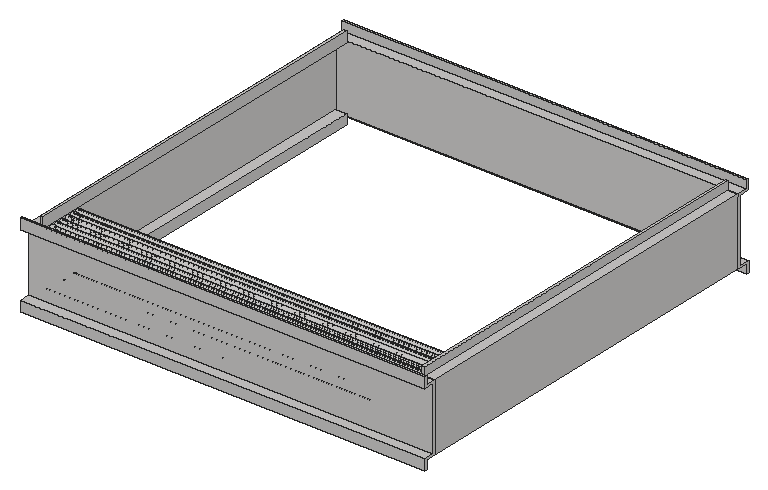
Revit family "Damper_Volume_Control-Carnes-Galvanized-Channel_Frame-FDNB", category Duct Accessories, host Face, Revit 2012
Parameters (values of type "FDNB")
  ecoScorecard_data = ""
  ecoScorecard Product Page = "http://ecoscorecard.com/"
  Width = 24"
  Warranty URL = "http://www.carnes.com/GeneralCatalogs/termcond.pdf"
  URL = "http://www.carnes.com/index.html"
  Subcategory = "Louvers and Dampers"  # constant formula
  Spec Sheet URL = "http://www.carnes.com/Louvers/pdf/17165.pdf"
  Product Page URL = "http://www.carnes.com/Louvers/FD.htm"
  Product Line = "Volume Control Dampers"  # constant formula
  Offset = 1"
  Model = "FDNB"  # constant formula
  Minimum Size = "6\"W x 6\"H"
  Maximum Vertical Size = "48\"W x 60\"H (Single Section), Multi-section unlimited"
  Maximum System Velocity = 3500 FPM  # constant formula
  Maximum System Pressure = 0.42 in-wg  # constant formula
  Maximum Size Note = ""
  Maximum Horinzontal Size = "48\"W x 60\"H (Single Section, Multi-section unlimited"
  Manufacturer Phone = "608-845-6411"  # constant formula
  Manufacturer Fax = "608-845-6470"  # constant formula
  Manufacturer Email = "mailto:carnes@carnes.com"
  Manufacturer Address = "448 S. Main St., P. O. Box 930040, Verona, WI 53593-0040"  # constant formula
  Manufacturer = "CARNES COMPANY"  # constant formula
  Installation and Maintenance URL = "http://www.carnes.com/FireDampers/pdf/40001.pdf"
  Height = 24"
  Free Area Note = "See Spec Sheet URL"
  Frame Material = Metal - Carnes - Steel - Galvanized
  Fire Closure Device = ""
  Duct Connector 2 = "Duct Connection 2"  # constant formula
  Duct Connector 1 = "Duct Connection 1"  # constant formula
  Description = "Volume Control Dampers"  # constant formula
  Depth = 5"
  Default Elevation = 0"
  Cost Info = "mailto:carnes@carnes.com"
  Catalog URL = "http://www.carnes.com/Louvers/pdf/f85-97.pdf"
  Blades Length = Actual Width - 1 1/2"  # 22 1/2"
  Blade Material = Metal - Carnes - Steel - Galvanized
  Assembly Code = "B2010300"
  Actual Width = if(Width < 6", 6", if(Width > 72", 72", Width))  # 24"
  Actual Height = if(Height < 6", 6", if(Height > 72", 72", Height))  # 24"
  95 CSI = "10200"  # constant formula
  04 CSI = "08 91 00"  # constant formula
Reference planes (in)
  plane 1 "Center (Front/Back)": y = 0
  plane 2: z = 0
  plane 3 "Center (Left/Right)": x = 0
  plane 4: x = -12
  plane 5: x = 12
  plane 6: y = 12
  plane 7: y = -12
  plane 8: y = -10.9375
  plane 9: x = -11.20993
  plane 10: x = 11.20993
  plane 11: z = -1.5
  plane 12: y = -11.47734
  plane 13: x = 10.20993
  plane 14: z = -3.375
  plane 15: z = -1
  plane 16: y = -9.48917
  plane 17: z = 0.09375
  plane 18: z = 3.5
  plane 19: z = -2.09375
  plane 20: z = -5.5
Forms (in)
  Extrusion 1, void
    sketch origin (0, 0, 0) x (1, 0, 0) y (0, 1, 0)
      loop
        line (12, -12) -> (12, 12) -> (-12, 12) -> (-12, -12) -> (12, -12)
    from 0 to -32.56442
  Sweep 2, solid, material "Metal - Carnes - Steel - Galvanized" <- "Frame Material", detail levels medium+fine
    path origin (0, -21.84066, -1) x (-1, 0, 0) y (0, -1, 0)
      loop
        line (-12, -33.09066) -> (-12, -10.59066)
    profile "Profile : Profile" origin (12, 0, -1) x (1, 0, 0) y (0, 0, 1)
      loop
        line (-0.625, 2.5) -> (-0.75, 2.5) -> (-0.75, 1.875) -> (-0.125, 1.875) -> (-0.125, -1.875) -> (-0.75, -1.875) -> (-0.75, -2.5) -> (-0.625, -2.5) -> (-0.625, -2) -> (0, -2) -> (0, 2) -> (-0.625, 2) -> (-0.625, 2.5)
  Sweep 3, solid, material "Metal - Carnes - Steel - Galvanized" <- "Frame Material", detail levels coarse
    path origin (0, -21.84066, -1) x (-1, 0, 0) y (0, -1, 0)
      loop
        line (0, -9.84066) -> (0, -33.84066)
    profile origin (0, 0, -1) x (-1, 0, 0) y (0, 0, 1)
      loop
        line (-12, 2.5) -> (-12, -2.5) -> (12, -2.5) -> (12, 2.5) -> (-12, 2.5)
  Sweep 4, solid, material "Metal - Carnes - Steel - Galvanized" <- "Frame Material", detail levels medium+fine
    path origin (0, -21.84066, -1) x (-1, 0, 0) y (0, -1, 0)
      loop
        line (12, -33.09066) -> (12, -10.59066)
    profile "Profile : Profile" origin (-12, 0, -1) x (1, 0, 0) y (0, 0, 1)
      loop
        line (0.625, 2.5) -> (0.625, 2) -> (0, 2) -> (0, -2) -> (0.625, -2) -> (0.625, -2.5) -> (0.75, -2.5) -> (0.75, -1.875) -> (0.125, -1.875) -> (0.125, 1.875) -> (0.75, 1.875) -> (0.75, 2.5) -> (0.625, 2.5)
  Sweep 5, solid, material "Metal - Carnes - Steel - Galvanized" <- "Frame Material", detail levels medium+fine
    path origin (0, -21.84066, -1) x (-1, 0, 0) y (0, -1, 0)
      loop
        line (12, -9.84066) -> (-12, -9.84066)
    profile "Profile : Profile" origin (0, -12, -1) x (0, 1, 0) y (0, 0, 1)
      loop
        line (0.125, 2.5) -> (0, 2.5) -> (0, 1.875) -> (0.625, 1.875) -> (0.625, -1.875) -> (0, -1.875) -> (0, -2.5) -> (0.125, -2.5) -> (0.125, -2) -> (0.75, -2) -> (0.75, 2) -> (0.125, 2) -> (0.125, 2.5)
  Sweep 6, solid, material "Metal - Carnes - Steel - Galvanized" <- "Frame Material", detail levels medium+fine
    path origin (0, 20.34066, -1) x (1, 0, 0) y (0, 1, 0)
      loop
        line (-12, -8.34066) -> (12, -8.34066)
    profile "Profile : Profile" origin (0, 12, -1) x (0, 1, 0) y (0, 0, 1)
      loop
        line (-0.125, 2.5) -> (-0.125, 2) -> (-0.75, 2) -> (-0.75, -2) -> (-0.125, -2) -> (-0.125, -2.5) -> (0, -2.5) -> (0, -1.875) -> (-0.625, -1.875) -> (-0.625, 1.875) -> (0, 1.875) -> (0, 2.5) -> (-0.125, 2.5)
Lines and regions (in)
  symbolic lines, style "Damper"
    curve 1: line (12, 12, -1) -> (12, -12, -1)
    curve 2: line (-12, 12, -1) -> (12, 12, -1)
    curve 3: line (-12, -12, -1) -> (-12, 12, -1)
    curve 4: line (12, -12, -1) -> (-12, -12, -1)
  symbolic lines, style "Damper", detail levels medium+fine
    curve 5: line (11.25, 11, -1) -> (-11.25, 11, -1)
    curve 6: line (-11.25, 11, -1) -> (-11.25, -11.25, -1)
    curve 7: line (-12, -11.25, -1) -> (12, -11.25, -1)
    curve 8: line (11.25, -11.25, -1) -> (11.25, 11, -1)
Dimensions and locks (in)
  equal spacing: plane 7, plane 1 "Center (Front/Back)", plane 6
  equal spacing: plane 4, plane 3 "Center (Left/Right)", plane 5
  "Actual Width": plane 4 to plane 5
  "Actual Height": plane 6 to plane 7
  locked: plane 7 to plane 8 at 1.0625
  locked: plane 4 to plane 9 at 0.79007
  locked: plane 10 to plane 5 at 0.79007
  locked: plane 12 to plane 7 at 0.52266
  locked: plane 13 to plane 10 at 1
  locked: plane 14 to plane 15 at 2.375
  locked: plane 16 to plane 8 at 1.44833
  "Offset": level to plane 15
  locked: plane 17 to plane 18 at 3.40625
  locked: plane 15 to plane 17 at 1.09375
  locked: plane 15 to plane 19 at 1.09375
  locked: plane 19 to plane 20 at 3.40625
  equal spacing: Sweep 3 sketch curve, plane 3 "Center (Left/Right)", Sweep 3 sketch curve
  "Actual Width": Sweep 3 sketch curve to Sweep 3 sketch curve
  aligned and locked: plane 2 to host face
  aligned and locked: level to host face
  aligned and locked: plane 5 to Extrusion 1 sketch curve
  aligned and locked: plane 7 to Extrusion 1 sketch curve
  aligned and locked: Extrusion 1 sketch curve to plane 4
  aligned and locked: Extrusion 1 sketch curve to plane 6
  aligned and locked: Extrusion 1 to level
  aligned: nested 1 to plane 15  (x3)
  aligned: plane 12 to nested 1
  aligned and locked: plane 6 to Sweep 3 sketch curve
  aligned and locked: plane 7 to Sweep 3 sketch curve
  aligned and locked: plane 3 "Center (Left/Right)" to Sweep 3 sketch curve
  aligned and locked: curve 1 to Sweep 2
  aligned: curve 8 to Sweep 2
  aligned: nested 1 to Sweep 2
  aligned and locked: plane 4 to Sweep 4 sketch curve
  aligned and locked: Sweep 5 sketch curve to plane 7
  aligned and locked: plane 4 to Sweep 5 sketch curve
  aligned and locked: plane 5 to Sweep 5 sketch curve
  aligned and locked: Sweep 5 to Sweep 4 sketch curve
  aligned and locked: nested 1 to Sweep 5
  aligned and locked: Sweep 2 sketch curve to Sweep 5
  aligned and locked: Sweep 6 sketch curve to plane 6
  aligned and locked: plane 5 to Sweep 6 sketch curve
  aligned and locked: plane 4 to Sweep 6 sketch curve
  aligned and locked: Sweep 6 to Sweep 2 sketch curve
  aligned and locked: Sweep 4 sketch curve to Sweep 6
  aligned and locked: curve 6 to Sweep 4
  aligned and locked: curve 7 to Sweep 5
  aligned and locked: curve 8 to Sweep 2
  aligned and locked: nested 1 to Sweep 4
  aligned and locked: Sweep 3 sketch curve to Sweep 5  (x2)
  aligned and locked: nested 1 to plane 15
  aligned and locked: nested 2 to nested 1
  aligned and locked: nested 2 to plane 15
  aligned and locked: nested 3 to nested 2
  aligned and locked: nested 3 to plane 15
  aligned and locked: nested 4 to nested 3
  aligned and locked: nested 4 to plane 15
  aligned and locked: nested 5 to plane 15
  aligned and locked: nested 5 to nested 4
  aligned and locked: nested 6 to nested 5
  aligned and locked: nested 6 to plane 15
  aligned and locked: nested 7 to nested 6
  aligned and locked: nested 7 to plane 15
Automatic sketch dimensions
  host sketch curve to host sketch curve = 96"  (x2)
  Sweep 2 sketch curve to plane 5 = 0"
  curve 3 to plane 4 = 0"
  curve 3 to plane 6 = 0"
  plane 7 to curve 1 = 0"
  curve 6 to plane 6 = 1"
Nested families (in)
  nested 1: "Blade" at (0, -11.25, -2.90552), type "Blades", detail levels fine
  nested 2: "Blade" at (0, -10.85234, -2.90552), type "Blades", detail levels fine
  nested 3: "Blade" at (0, -10.45467, -2.90552), type "Blades", detail levels fine
  nested 4: "Blade" at (0, -10.05701, -2.90552), type "Blades", detail levels fine
  nested 5: "Blade" at (0, -9.65935, -2.90552), type "Blades", detail levels fine
  nested 6: "Blade" at (0, -9.26169, -2.90552), type "Blades", detail levels fine
  nested 7: "Blade" at (0, -8.86402, -2.90552), type "Blades", detail levels fine
Connectors (in)
  hvac at (0, 0, 1.5), driven by "Actual Height", driven by "Actual Width", driven by "Duct Connector 1"
    settings: on Sweep 3, index 1, duct flow 0 CFM, flow factor 0, pres drop 0.00 in-wg, loss coef 0, conn angle 0.00°, conn width 24", conn height 24", conn radius 12", duct sys type 1, conn prof type 1, flow config 0, flow direction 0, loss method 0, conn ref index 2, conn util no, is conn primary yes, conn desc "Duct Connection 1"
  hvac at (0, 0, -3.5), driven by "Actual Height", driven by "Actual Width", driven by "Duct Connector 2"
    settings: on Sweep 3, index 2, duct flow 0 CFM, flow factor 0, pres drop 0.00 in-wg, loss coef 0, conn angle 0.00°, conn width 24", conn height 24", conn radius 12", duct sys type 1, conn prof type 1, flow config 0, flow direction 0, loss method 0, conn ref index 1, conn util no, is conn primary no, conn desc "Duct Connection 2"
Definition of nested family "Blade"
  Parameters (values of type "Blades")
    Width = 22 1/2"
    Unit = Metal - Carnes - Steel - Galvanized
    Assembly Code = ""
  Reference planes (in)
    plane 1 "Center (Front/Back)": y = 0
    plane 2: z = 0
    plane 3 "Center (Left/Right)": x = 0
    plane 4: x = -11.25
    plane 5: x = 11.25
    plane 6: z = 3.75
    plane 7: z = 0.12354
    plane 8: y = 0.39766
    plane 9: z = 3.6875
    plane 10: z = 1.90552
  Forms (in)
    Extrusion 1, solid, material "Metal - Carnes - Steel - Galvanized" <- "Unit"
      sketch origin (0, 0, 0.35938) x (0, 1, 0) y (0, 0, 1)
        loop
          arc (0.23008, 2.93293) -> (0.19883, 3.32812) -> (0.16758, 2.93293) r 0.19883
          line (0.16758, 2.93293) -> (0.16758, 0.15936)
          arc (0.16758, 0.15936) -> (0.19883, -0.23583) -> (0.23008, 0.15936) r 0.19883
          line (0.23008, 0.15936) -> (0.23008, 2.93293)
        loop
          circle (0.19883, -0.037) r 0.13633
        loop
          circle (0.19883, 3.12929) r 0.13633
      from -11.25 to 11.25
  Lines and regions (in)
    symbolic lines, style "Damper"
      curve 1: line (-11.25, 0.39763, 0) -> (11.25, 0.39763, 0)
      curve 2: line (11.25, 0, 0) -> (-11.25, 0, 0)
      curve 3: line (-11.25, 0, 0) -> (-11.25, 0.39763, 0)
      curve 4: line (11.25, 0, 0) -> (11.25, 0.39763, 0)
  Dimensions and locks (in)
    equal spacing: plane 4, plane 3 "Center (Left/Right)", plane 5
    "Width": plane 4 to plane 5
    plane 6 to level = 3 3/4"  (x2)
    locked: plane 6 to plane 9 at 0.0625
    aligned and locked: level to plane 2
    aligned and locked: plane 4 to Extrusion 1
    aligned and locked: plane 5 to Extrusion 1
    aligned and locked: curve 2 to plane 1 "Center (Front/Back)"
    aligned and locked: curve 3 to plane 4
    aligned and locked: plane 5 to curve 4
  Automatic sketch dimensions
    plane 8 to curve 3 = 0.00003"
    Extrusion 1 sketch curve to Extrusion 1 sketch curve = 0"  (x5)
    Extrusion 1 sketch curve to plane 1 "Center (Front/Back)" = 0.16758"
    Extrusion 1 sketch curve to Extrusion 1 sketch curve = 1/32"
    Extrusion 1 sketch curve to plane 1 "Center (Front/Back)" = 0.19883"
    Extrusion 1 sketch curve to plane 7 = 0.19883"
    Extrusion 1 sketch curve to Extrusion 1 sketch curve = 0.19636"  (x2)
    Extrusion 1 sketch curve to plane 9 = 0.39519"
    radius of Extrusion 1 sketch curve = 0.13633"  (x2)
